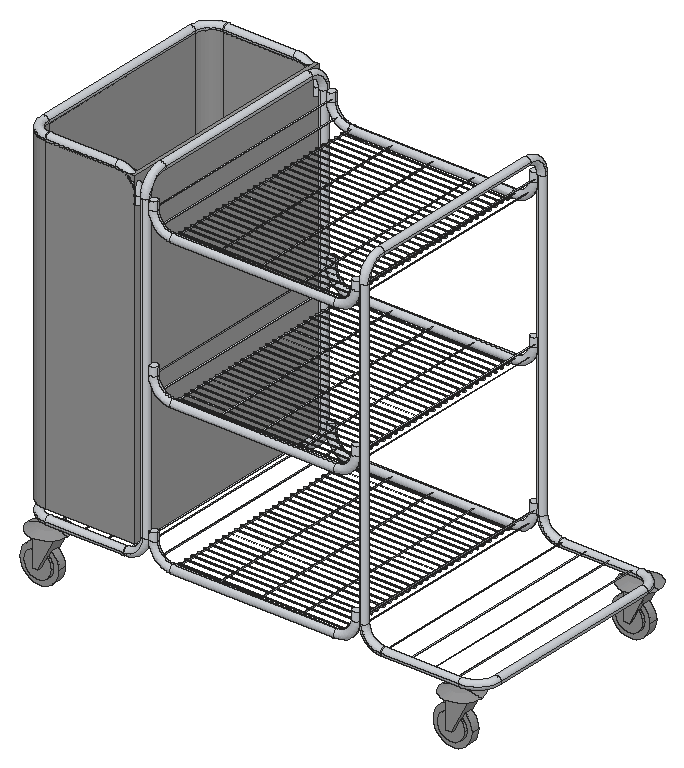
Revit family "Тележка горничной", category Оборудование, Revit 2017
Family settings
  Размер круглого соединителя = Использовать диаметр
  Тип детали = Нормальный
  На основе рабочей плоскости = Нет
  Всегда вертикально = Да
  При загрузке вырезать с полостями = Нет
  Общий = Нет
  Точка расчета площади = Нет
Parameters
  Ширина = 1180.0 mm
  Примечание = ""
  Обозначение = "Арт. 95.275/3"
  Наименование = "Тележка горничной"
  Масса = ""
  Код оборудования = ""
  Keynote = ""
  Изготовитель = "Severin"
  Завод = "Всё для уборки"
  Единицы = "шт."
  Группа модели = "ТХ"  # constant formula
  Глубина = 590.0 mm
  Высота = 1040.0 mm
Reference planes
  plane 1 "По центру (Вперед/Назад)": y = 0
  plane 2: z = 0
  plane 3 "По центру (Влево/Вправо)": x = 0
  plane 4: x = 580
  plane 5: x = -580
  plane 6: y = -285
  plane 7: y = 285
  plane 8: z = 150
  plane 9: z = 1030
  plane 10: x = 280
  plane 11: x = -280
  plane 12: x = 330
  plane 13: x = -330
  plane 14: z = 980
  plane 15: x = -330
  plane 16: x = 330
  plane 17: z = 980
  plane 18: x = 260
  plane 19: x = -260
  plane 20: x = -300
  plane 21: x = -530
  plane 22: x = 530
Forms (mm)
  Sweep 1, solid
    path origin (-620, -1524, 150) x (-1, 0, 0) y (0, -1, 0)
      loop
        line (-950, -1809) -> (-1150, -1809)
        arc (-1150, -1809) -> (-1185.355, -1794.355) -> (-1200, -1759) r 50
        line (-1200, -1759) -> (-1200, -1289)
        arc (-1200, -1289) -> (-1185.355, -1253.645) -> (-1150, -1239) r 50
        line (-1150, -1239) -> (-950, -1239)
    profile origin (580, 0, 150) x (1, 0, 0) y (0, 0, 1)
      loop
        circle (0, 0) r 10
  Sweep 2, solid
    path origin (-520, -285, 1200) x (-1, 0, 0) y (0, 0, 1)
      loop
        arc (-850, -1050) -> (-814.645, -1035.355) -> (-800, -1000) r 50
        line (-800, -1000) -> (-800, -220)
    profile origin (294.645, -285, 164.645) x (0.707107, 0, 0.707107) y (0, 1, 0)
      loop
        circle (0, 0) r 10
  Sweep 3, solid
    path origin (280, 180, 1200) x (0, 1, 0) y (0, 0, 1)
      loop
        arc (-465, -220) -> (-450.355, -184.645) -> (-415, -170) r 50
        line (-415, -170) -> (55, -170)
        arc (55, -170) -> (90.355, -184.645) -> (105, -220) r 50
    profile origin (280, -270.355, 1015.355) x (0, -0.707107, 0.707107) y (1, 0, 0)
      loop
        circle (0, 0) r 10
  Sweep 4, solid
    path origin (-420, 285, 1200) x (-1, 0, 0) y (0, 0, 1)
      loop
        arc (-750, -1050) -> (-714.645, -1035.355) -> (-700, -1000) r 50
        line (-700, -1000) -> (-700, -220)
    profile origin (294.645, 285, 164.645) x (0.707107, 0, 0.707107) y (0, 1, 0)
      loop
        circle (0, 0) r 10
  Sweep 5, solid
    path origin (620, -1524, 150) x (1, 0, 0) y (0, 1, 0)
      loop
        line (-950, 1809) -> (-1150, 1809)
        arc (-1150, 1809) -> (-1185.355, 1794.355) -> (-1200, 1759) r 50
        line (-1200, 1759) -> (-1200, 1289)
        arc (-1200, 1289) -> (-1185.355, 1253.645) -> (-1150, 1239) r 50
        line (-1150, 1239) -> (-950, 1239)
    profile origin (-580, 0, 150) x (1, 0, 0) y (0, 0, 1)
      loop
        circle (0, 0) r 10
  Sweep 6, solid
    path origin (520, -285, 1200) x (1, 0, 0) y (0, 0, -1)
      loop
        arc (-850, 1050) -> (-814.645, 1035.355) -> (-800, 1000) r 50
        line (-800, 1000) -> (-800, 220)
    profile origin (-294.645, -285, 164.645) x (0.707107, 0, -0.707107) y (0, 1, 0)
      loop
        circle (0, 0) r 10
  Sweep 7, solid
    path origin (-280, 180, 1200) x (0, 1, 0) y (0, 0, -1)
      loop
        arc (-465, 220) -> (-450.355, 184.645) -> (-415, 170) r 50
        line (-415, 170) -> (55, 170)
        arc (55, 170) -> (90.355, 184.645) -> (105, 220) r 50
    profile origin (-280, -270.355, 1015.355) x (0, 0.707107, -0.707107) y (-1, 0, 0)
      loop
        circle (0, 0) r 10
  Sweep 8, solid
    path origin (420, 285, 1200) x (1, 0, 0) y (0, 0, -1)
      loop
        arc (-750, 1050) -> (-714.645, 1035.355) -> (-700, 1000) r 50
        line (-700, 1000) -> (-700, 220)
    profile origin (-294.645, 285, 164.645) x (0.707107, 0, -0.707107) y (0, 1, 0)
      loop
        circle (0, 0) r 10
  Sweep 9, solid, detail levels fine
    path origin (-520, -285, 1200) x (-1, 0, 0) y (0, 0, 1)
      loop
        line (-260, -980) -> (-260, -1000)
        arc (-260, -1000) -> (-274.645, -1035.355) -> (-310, -1050) r 50
        line (-310, -1050) -> (-730, -1050)
        arc (-730, -1050) -> (-765.355, -1035.355) -> (-780, -1000) r 50
        line (-780, -1000) -> (-780, -980)
    profile origin (260, -285, 220) x (1, 0, 0) y (0, 1, 0)
      loop
        circle (0, 0) r 10
  Sweep 10, solid, detail levels fine
    path origin (-520, 285, 1200) x (-1, 0, 0) y (0, 0, 1)
      loop
        line (-260, -980) -> (-260, -1000)
        arc (-260, -1000) -> (-274.645, -1035.355) -> (-310, -1050) r 50
        line (-310, -1050) -> (-730, -1050)
        arc (-730, -1050) -> (-765.355, -1035.355) -> (-780, -1000) r 50
        line (-780, -1000) -> (-780, -980)
    profile origin (260, 285, 220) x (1, 0, 0) y (0, 1, 0)
      loop
        circle (0, 0) r 10
  Extrusion 11, solid, detail levels fine
    sketch origin (-520, -285, 1200) x (-1, 0, 0) y (0, 0, 1)
      loop
        circle (-730, -1050) r 1.025
      loop
        circle (-780, -1000) r 1.025
      loop
        circle (-520, -1050) r 1.025
      loop
        circle (-625, -1050) r 1.025
      loop
        circle (-310, -1050) r 1.025
      loop
        circle (-260, -1000) r 1.025
      loop
        circle (-415, -1050) r 1.025
      loop
        circle (-765.355, -1035.355) r 1
      loop
        circle (-274.645, -1035.355) r 1
      loop
        circle (-850, -1050) r 1.025
      loop
        circle (-910, -1050) r 1.025
      loop
        circle (-970, -1050) r 1.025
      loop
        circle (-1030, -1050) r 1.025
      loop
        circle (-190, -1050) r 1.025
      loop
        circle (-130, -1050) r 1.025
      loop
        circle (-70, -1050) r 1.025
      loop
        circle (-10, -1050) r 1.025
      loop
        circle (-730, -670) r 1.025
      loop
        circle (-780, -620) r 1.025
      loop
        circle (-520, -670) r 1.025
      loop
        circle (-625, -670) r 1.025
      loop
        circle (-310, -670) r 1.025
      loop
        circle (-260, -620) r 1.025
      loop
        circle (-415, -670) r 1.025
      loop
        circle (-765.355, -655.355) r 1
      loop
        circle (-274.645, -655.355) r 1
      loop
        circle (-730, -290) r 1.025
      loop
        circle (-780, -240) r 1.025
      loop
        circle (-520, -290) r 1.025
      loop
        circle (-625, -290) r 1.025
      loop
        circle (-310, -290) r 1.025
      loop
        circle (-260, -240) r 1.025
      loop
        circle (-415, -290) r 1.025
      loop
        circle (-765.355, -275.355) r 1
      loop
        circle (-274.645, -275.355) r 1
    from 0 to 570
  Extrusion 12, solid, detail levels fine
    sketch origin (-260, 180, 1200) x (0, 1, 0) y (0, 0, 1)
      loop
        circle (-180, -1050) r 1
      loop
        circle (-200, -1050) r 1
      loop
        circle (-220, -1050) r 1
      loop
        circle (-240, -1050) r 1
      loop
        circle (-260, -1050) r 1
      loop
        circle (-280, -1050) r 1
      loop
        circle (-300, -1050) r 1
      loop
        circle (-320, -1050) r 1
      loop
        circle (-340, -1050) r 1
      loop
        circle (-360, -1050) r 1
      loop
        circle (-380, -1050) r 1
      loop
        circle (-400, -1050) r 1
      loop
        circle (-420, -1050) r 1
      loop
        circle (-440, -1050) r 1
      loop
        circle (-160, -1050) r 1
      loop
        circle (-140, -1050) r 1
      loop
        circle (-120, -1050) r 1
      loop
        circle (-100, -1050) r 1
      loop
        circle (-80, -1050) r 1
      loop
        circle (-60, -1050) r 1
      loop
        circle (-40, -1050) r 1
      loop
        circle (-20, -1050) r 1
      loop
        circle (0, -1050) r 1
      loop
        circle (20, -1050) r 1
      loop
        circle (40, -1050) r 1
      loop
        circle (60, -1050) r 1
      loop
        circle (80, -1050) r 1
    from 45 to 475
  Sweep 13, solid, detail levels fine
    path origin (-520, -285, 1580) x (-1, 0, 0) y (0, 0, 1)
      loop
        line (-260, -980) -> (-260, -1000)
        arc (-260, -1000) -> (-274.645, -1035.355) -> (-310, -1050) r 50
        line (-310, -1050) -> (-730, -1050)
        arc (-730, -1050) -> (-765.355, -1035.355) -> (-780, -1000) r 50
        line (-780, -1000) -> (-780, -980)
    profile origin (260, -285, 600) x (1, 0, 0) y (0, 1, 0)
      loop
        circle (0, 0) r 10
  Sweep 14, solid, detail levels fine
    path origin (-520, 285, 1580) x (-1, 0, 0) y (0, 0, 1)
      loop
        line (-260, -980) -> (-260, -1000)
        arc (-260, -1000) -> (-274.645, -1035.355) -> (-310, -1050) r 50
        line (-310, -1050) -> (-730, -1050)
        arc (-730, -1050) -> (-765.355, -1035.355) -> (-780, -1000) r 50
        line (-780, -1000) -> (-780, -980)
    profile origin (260, 285, 600) x (1, 0, 0) y (0, 1, 0)
      loop
        circle (0, 0) r 10
  Extrusion 15, solid, detail levels fine
    sketch origin (-260, 180, 1580) x (0, 1, 0) y (0, 0, 1)
      loop
        circle (-180, -1050) r 1
      loop
        circle (-200, -1050) r 1
      loop
        circle (-220, -1050) r 1
      loop
        circle (-240, -1050) r 1
      loop
        circle (-260, -1050) r 1
      loop
        circle (-280, -1050) r 1
      loop
        circle (-300, -1050) r 1
      loop
        circle (-320, -1050) r 1
      loop
        circle (-340, -1050) r 1
      loop
        circle (-360, -1050) r 1
      loop
        circle (-380, -1050) r 1
      loop
        circle (-400, -1050) r 1
      loop
        circle (-420, -1050) r 1
      loop
        circle (-440, -1050) r 1
      loop
        circle (-160, -1050) r 1
      loop
        circle (-140, -1050) r 1
      loop
        circle (-120, -1050) r 1
      loop
        circle (-100, -1050) r 1
      loop
        circle (-80, -1050) r 1
      loop
        circle (-60, -1050) r 1
      loop
        circle (-40, -1050) r 1
      loop
        circle (-20, -1050) r 1
      loop
        circle (0, -1050) r 1
      loop
        circle (20, -1050) r 1
      loop
        circle (40, -1050) r 1
      loop
        circle (60, -1050) r 1
      loop
        circle (80, -1050) r 1
    from 45 to 475
  Sweep 16, solid
    path origin (-520, -285, 1960) x (-1, 0, 0) y (0, 0, 1)
      loop
        line (-260, -980) -> (-260, -1000)
        arc (-260, -1000) -> (-274.645, -1035.355) -> (-310, -1050) r 50
        line (-310, -1050) -> (-730, -1050)
        arc (-730, -1050) -> (-765.355, -1035.355) -> (-780, -1000) r 50
        line (-780, -1000) -> (-780, -980)
    profile origin (260, -285, 980) x (1, 0, 0) y (0, 1, 0)
      loop
        circle (0, 0) r 10
  Sweep 17, solid
    path origin (-520, 285, 1960) x (-1, 0, 0) y (0, 0, 1)
      loop
        line (-260, -980) -> (-260, -1000)
        arc (-260, -1000) -> (-274.645, -1035.355) -> (-310, -1050) r 50
        line (-310, -1050) -> (-730, -1050)
        arc (-730, -1050) -> (-765.355, -1035.355) -> (-780, -1000) r 50
        line (-780, -1000) -> (-780, -980)
    profile origin (260, 285, 980) x (1, 0, 0) y (0, 1, 0)
      loop
        circle (0, 0) r 10
  Extrusion 18, solid, detail levels fine
    sketch origin (-260, 180, 1960) x (0, 1, 0) y (0, 0, 1)
      loop
        circle (-180, -1050) r 1
      loop
        circle (-200, -1050) r 1
      loop
        circle (-220, -1050) r 1
      loop
        circle (-240, -1050) r 1
      loop
        circle (-260, -1050) r 1
      loop
        circle (-280, -1050) r 1
      loop
        circle (-300, -1050) r 1
      loop
        circle (-320, -1050) r 1
      loop
        circle (-340, -1050) r 1
      loop
        circle (-360, -1050) r 1
      loop
        circle (-380, -1050) r 1
      loop
        circle (-400, -1050) r 1
      loop
        circle (-420, -1050) r 1
      loop
        circle (-440, -1050) r 1
      loop
        circle (-160, -1050) r 1
      loop
        circle (-140, -1050) r 1
      loop
        circle (-120, -1050) r 1
      loop
        circle (-100, -1050) r 1
      loop
        circle (-80, -1050) r 1
      loop
        circle (-60, -1050) r 1
      loop
        circle (-40, -1050) r 1
      loop
        circle (-20, -1050) r 1
      loop
        circle (0, -1050) r 1
      loop
        circle (20, -1050) r 1
      loop
        circle (40, -1050) r 1
      loop
        circle (60, -1050) r 1
      loop
        circle (80, -1050) r 1
    from 45 to 475
  Sweep 19, solid
    path origin (-520, -285, 1200) x (-1, 0, 0) y (0, 0, 1)
      loop
        line (10, -170) -> (-170, -170)
        arc (-170, -170) -> (-205.355, -184.645) -> (-220, -220) r 50
        line (-220, -220) -> (-220, -240)
    profile origin (-314.645, -285, 1015.355) x (-0.707107, 0, -0.707107) y (0, 1, 0)
      loop
        circle (0, 0) r 10
  Sweep 20, solid
    path origin (-680, -1524, 1030) x (-1, 0, 0) y (0, -1, 0)
      loop
        arc (-150, -1239) -> (-114.645, -1253.645) -> (-100, -1289) r 50
        line (-100, -1289) -> (-100, -1759)
        arc (-100, -1759) -> (-114.645, -1794.355) -> (-150, -1809) r 50
    profile origin (-565.355, -270.355, 1030) x (-0.707107, -0.707107, 0) y (0, 0, 1)
      loop
        circle (0, 0) r 10
  Sweep 21, solid
    path origin (-520, 285, 1200) x (-1, 0, 0) y (0, 0, 1)
      loop
        line (10, -170) -> (-170, -170)
        arc (-170, -170) -> (-205.355, -184.645) -> (-220, -220) r 50
        line (-220, -220) -> (-220, -240)
    profile origin (-314.645, 285, 1015.355) x (-0.707107, 0, -0.707107) y (0, 1, 0)
      loop
        circle (0, 0) r 10
  Extrusion 22, solid, material "Полотно - бежевое"
    sketch origin (-680, -1524, 1030) x (-1, 0, 0) y (0, -1, 0)
      loop
        line (-380, -1819) -> (-150.095, -1819)
        arc (-150.095, -1819) -> (-107.601, -1801.399) -> (-90, -1758.905) r 60.095
        line (-90, -1758.905) -> (-90, -1289.095)
        arc (-90, -1289.095) -> (-107.601, -1246.601) -> (-150.095, -1229) r 60.095
        line (-150.095, -1229) -> (-380, -1229) -> (-380, -1819)
    from -5 to -850
  Extrusion 23, void
    sketch origin (-680, -1524, 1025) x (0, -1, 0) y (-1, 0, 0)
      loop
        line (-1799, -150) -> (-1799, -370) -> (-1249, -370) -> (-1249, -150)
        arc (-1249, -150) -> (-1260.716, -121.716) -> (-1289, -110) r 40
        line (-1289, -110) -> (-1759, -110)
        arc (-1759, -110) -> (-1787.284, -121.716) -> (-1799, -150) r 40
    from -10 to 830
Cuts and joins
  Extrusion 23 cuts Extrusion 22
Dimensions and locks
  aligned and locked: level to plane 2
Nested families
  nested 1: "Колесо Д10 с бампером h=140" at (515.095, 285, 0), type "Колесо Д10 с бампером h=140"
  nested 2: "Колесо Д10 с бампером h=140" at (515.095, -285, 0), type "Колесо Д10 с бампером h=140"
  nested 3: "Колесо Д10 с бампером h=140" at (-544.905, -285, 0), type "Колесо Д10 с бампером h=140"
  nested 4: "Колесо Д10 с бампером h=140" at (-544.905, 285, 0), type "Колесо Д10 с бампером h=140"
Definition of nested family "Колесо Д10 с бампером h=140"
  Parameters (values of type "Колесо Д10 с бампером h=140")
    Keynote = ""
    Model = "ТХ"  # constant formula
    GKS_Mep_Примечание = ""
    GKS_Mep_Обозначение = ""
    GKS_Mep_Наименование = "Колесо Д10 с бампером h=140"
    GKS_Mep_Масса = ""
    GKS_Mep_Код оборудования = ""
    GKS_Mep_Завод = ""
    GKS_Mep_Единицы = "шт."
  Types (2, lengths in mm): name | GKS_Mep_Наименование
    Колесо Д10 с бампером h=140 | "Колесо Д10 с бампером h=140"
    ИЗМЕНИТЬ!!!!! | ""
  Reference planes
    plane 1 "По центру (Вперед/Назад)": y = 0
    plane 2: z = 0
    plane 3 "По центру (Влево/Вправо)": x = 0
    plane 4: z = 140
    plane 5: z = 120
    plane 6: x = 15
    plane 7: z = 130
    plane 8: z = 50
  Forms (mm)
    Extrusion 1, solid, detail levels fine
      sketch origin (0, 0, 0) x (1, 0, 0) y (0, 0, 1)
        loop
          circle (0, 50) r 50
      from -10 to 10
    Extrusion 2, solid, detail levels fine
      sketch origin (0, 0, 0) x (1, 0, 0) y (0, 0, 1)
        loop
          circle (0, 50) r 35
      from -15 to 15
    Revolve 3, solid
      sketch origin (-10, 0, 0) x (1, 0, 0) y (0, 0, 1)
        loop
          arc (25, 140) -> (-0.495, 137.475) -> (-25, 130) r 130
          arc (-25, 130) -> (-0.495, 122.525) -> (25, 120) r 130
          line (25, 120) -> (25, 140)
        axis (25, 140) -> (25, 120)
      angle from 0 to 360
    Extrusion 4, solid, detail levels fine
      sketch origin (0, 0, 0) x (1, 0, 0) y (0, 0, 1)
        loop
          line (-10, 120) -> (-10, 40) -> (4.905, 40) -> (45.667, 120) -> (-10, 120)
      from -20 to 20
  Lines and regions (mm)
    symbolic lines, detail levels coarse+medium
      curve 1: line (15, 10, 0) -> (15, -10, 0)
      curve 2: line (4.905, 0, 0) -> (24.905, 0, 0)
  Dimensions and locks
    aligned and locked: level to plane 2
